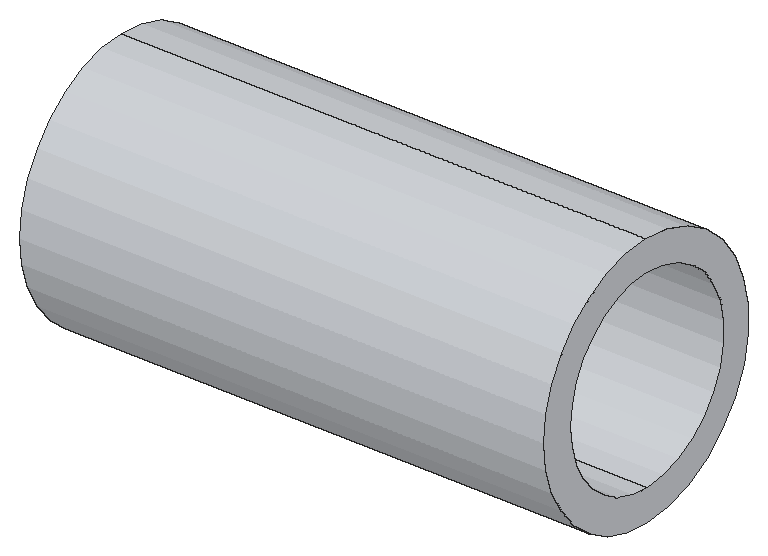
Revit family "OTG-2", category Plumbing Fixtures, host Face, Revit 2016
Family settings
  Host = Face
  Part Type = Normal
  Round Connector Dimension = Use Diameter
  OmniClass Number = 23.65.00.00
  OmniClass Title = Supply and Distribution of Liquids and Gases
  Cut with Voids When Loaded = No
  Shared = Yes
  Room Calculation Point = No
Parameters (values of type "OTG-2")
  Waste Connection = no
  WFU = 0
  Vent Connection = no
  URL = "http://www.acorneng.com"
  Type Comments = ""
  Tempered Water Connection = yes
  Revised Date = "09/17/19"
  Phone# = "626-336-4561"
  Model = "OTG-2"
  Material = Default
  Manufacturer = "Acorn Controls"
  HWFU = 0
  HW Connection = yes
  Designed By = "Acorn Revit Design team"
  Description = "Outlet Temperature Gauge with 1 Inch NPT Outlet Tee Connections"
  Default Elevation = 0"
  CWFU = 0
  CW Connection = yes
  OTG-2 -  Outlet Temperature Gauge with 1 Inch NPT Outlet Tee Connections = yes
  Assembly Code = "D2020"
Reference planes (in)
  plane 1 "Center (Front/Back)": y = -0.25
  plane 2: z = 0
  plane 3 "Center (Left/Right)": x = 0
Forms (in)
  Extrusion 1, solid
    sketch origin (0, -0.25736, 0.18891) x (0, 0.001631, -0.999999) y (0, 0.999999, 0.001631)
      loop
        circle (0.19341, 0) r 0.7
    from -1.4375 to 1.4375
  Extrusion 2, void
    sketch origin (0, -0.24548, -0.23423) x (0, 0.001631, -0.999999) y (0, 0.999999, 0.001631)
      loop
        circle (-0.2334, -0.00421) r 0.53
    from -1.4375 to 1.4375
Cuts and joins
  Extrusion 2 cuts Extrusion 1
Lines and regions (in)
  model lines
    curve 1: circle (0, -0.25361, 0) r 0.5 normal (1, 0, 0)
Dimensions and locks (in)
  cut or joined group of Extrusion 1, Extrusion 2 to cut or joined group of Extrusion 1, Extrusion 2 = 2 7/8"
  aligned and locked: plane 2 to host face
  aligned and locked: level to host face
  aligned and locked: Extrusion 1 to Extrusion 2  (x2)
Connectors (in)
  piping at (1.4375, -0.25705, -0.0045), diameter 1.31641
    settings: on cut or joined group of Extrusion 1, Extrusion 2, index 1, connector inside diameter 24", connector length 0", flow factor 0, pipe flow 0 GPM, pressure drop 0.00 psi, fitting loss kfactor 0, connector angle 0.00°, fixture units 0, engagement length 0", angle of deflection 0.00°, flow configuration 0, flow direction 0, fitting loss method 0, system type 7, joint type 0, gender type 0, connector reference index -1, connector utility 0, adjustable connector no, is connector primary yes, connector description "1\" NPT Female Inlet Connection"
  piping at (-1.4375, -0.25705, -0.0045), diameter 1.31641
    settings: on cut or joined group of Extrusion 1, Extrusion 2, index 2, connector inside diameter 24", connector length 0", flow factor 0, pipe flow 0 GPM, pressure drop 0.00 psi, fitting loss kfactor 0, connector angle 0.00°, fixture units 0, engagement length 0", angle of deflection 0.00°, flow configuration 0, flow direction 0, fitting loss method 0, system type 7, joint type 0, gender type 0, connector reference index -1, connector utility 0, adjustable connector no, is connector primary no, connector description "1\" NPT Female Inlet Connection"
